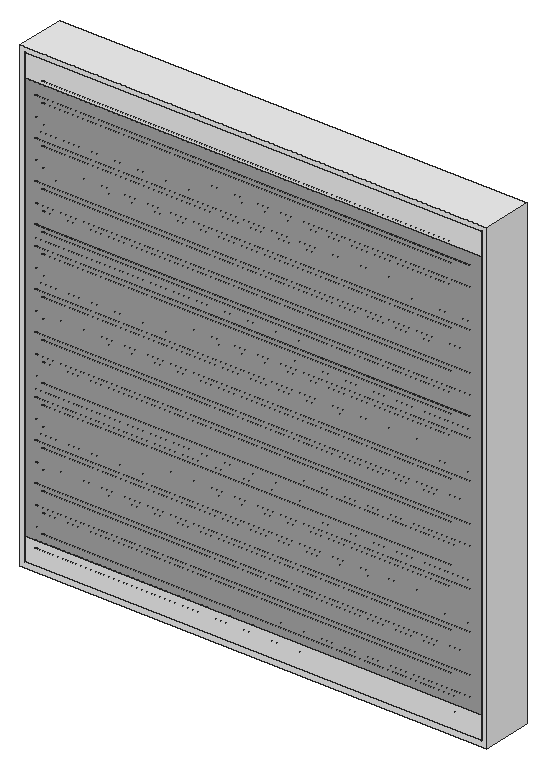
Revit family
Parameters (values of type "Louver_Wind-Drvn-Rn_ECD-545_All-Lite")
  URL = "http://www.alllite-louvers.com"
  Specifications = "http://www.alllite-louvers.com/catalog/AECD-545-csi-specification.doc"
  Spacing = 0.167 ft
  SmartBIM Object Version = 3  # constant formula
  SmartBIM Object Created By = "Reed Construction Data"  # constant formula
  Shim Thickness = 0.042 ft
  Screen Width = Width - (2 * Shim Thickness) - 2 * 0.072917 ft  # 3.770167 ft
  Screen Height = Height - (2 * 0.239583 ft)  # 3.520833 ft
  Screen = Aluminum
  Rough Width = 0.0 ft
  Rough Height = 0.0 ft
  Product URL = "http://www.alllite-louvers.com/catalog.php?model=ECD-545"
  Pressure Loss (in.wg.) = "0.22"
  OmniClass Title = "Exterior Louvers and Grilles"  # constant formula
  OmniClass Code = "23-60 11 17"  # constant formula
  Model Number = "ECD-545"  # constant formula
  Model = ""
  Minimum Size = "4.5\" x 5\""
  Maximum Size - Single Section = "60\" x 120\" or 120\" x 60\""
  Maximum Size - Multiple Section = "Unlimited"
  Manufacturer = "All-Lite"  # constant formula
  Louver = Mill finish, 6063-T5 Extruded Aluminum
  Installation = "http://www.alllite-louvers.com/catalog/Installation.pdf"
  Height = 4.0 ft
  Free Area for 48”x48” Louver = "46.3%"
  Free Area Velocity (fpm) = "1250"
  Free Area (ft²) for 48"x48" Louver = 7.4 ft
  Frame = Mill finish, 6063-T5 Extruded Aluminum
  Default Sill Height = 3.0 ft
  Wall Closure = (empty or 0)
  Width = 4.0 ft
  Cut Sheet = "http://www.alllite-louvers.com/catalog/AECD545.pdf"
  Assembly Code = "B2010300"
  Air Volume Delivered (cfm) = "9,250"
  95 CSI = "10200 "  # constant formula
  04 CSI = "08 91 00"  # constant formula
  # of Louvers = (Height - 0.25 ft) / (Spacing)  # 22
Reference planes (ft)
  plane 1 "Center (Front/Back)": y = 0
  plane 2: z = 0.291667
  plane 3 "Center (Left/Right)": x = 0
  plane 4 "Left": x = -2
  plane 5 "Right": x = 2
  plane 6 "Sill": z = 3.291667
  plane 7 "Top": z = 7.291667
  plane 8: x = -1.958
  plane 9: x = 1.958
  plane 10: z = 7.249667
  plane 11: z = 3.333667
  plane 12: z = 5.291667
  plane 13: z = 3.417
  plane 14: z = 3.458667
  plane 15: z = 7.166333
  plane 16: z = 7.124667
Forms (ft)
  Sweep 1, solid, material "Mill finish, 6063-T5 Extruded Aluminum" <- "Frame"
    path origin (-5, 0.333333, 0) x (-1, 0, 0) y (0, 0, 1)
      loop
        line (-6.958, 7.249667) -> (-3.042, 7.249667)
    profile "Horizontal Mullion : Horizontal Mullion" origin (0, 0.333333, 7.249667) x (0, 0, 1) y (0, 1, 0)
      loop
        line (0, 0) -> (-0.083333, 0) -> (-0.083333, -0.416667) -> (-0.197917, -0.416667) -> (-0.197917, -0.423417) -> (0, -0.423417) -> (0, -0.38175) -> (-0.00675, -0.38175) -> (-0.00675, -0.416667) -> (-0.076583, -0.416667) -> (-0.076583, -0.006628) -> (-0.00675, -0.006628) -> (-0.00675, -0.041545) -> (0, -0.041545) -> (0, 0)
  Sweep 2, solid, material "Mill finish, 6063-T5 Extruded Aluminum" <- "Frame"
    path origin (-5, 0.333333, 0) x (-1, 0, 0) y (0, 0, 1)
      loop
        line (-6.958, 3.333667) -> (-3.042, 3.333667)
    profile "Horizontal Mullion : Horizontal Mullion" origin (0, 0.333333, 3.333667) x (0, 0, 1) y (0, 1, 0)
      loop
        line (0, 0) -> (0, -0.041545) -> (0.00675, -0.041545) -> (0.00675, -0.006628) -> (0.076583, -0.006628) -> (0.076583, -0.416667) -> (0.00675, -0.416667) -> (0.00675, -0.38175) -> (0, -0.38175) -> (0, -0.423417) -> (0.197917, -0.423417) -> (0.197917, -0.416667) -> (0.083333, -0.416667) -> (0.083333, 0) -> (0, 0)
  Sweep 3, solid, material "Mill finish, 6063-T5 Extruded Aluminum" <- "Frame"
    path origin (-5, 0.333333, 0) x (-1, 0, 0) y (0, 0, 1)
      loop
        line (-6.958, 3.417) -> (-6.958, 7.166333)
    profile "Vertical Mullion : Vertical Mullion" origin (1.958, 0.333333, 5.291667) x (1, 0, 0) y (0, 1, 0)
      loop
        line (-0.060752, -0.13838) -> (-0.066666, -0.141633) -> (-0.072917, -0.141633) -> (-0.072917, -0.149068) -> (-0.047462, -0.149068) -> (-0.047462, -0.163238) -> (-0.072917, -0.163238) -> (-0.072917, -0.169988) -> (-0.047462, -0.169988) -> (-0.047462, -0.184154) -> (-0.072917, -0.184154) -> (-0.072917, -0.190904) -> (-0.047462, -0.190904) -> (-0.047462, -0.20507) -> (-0.072917, -0.20507) -> (-0.072917, -0.21182) -> (-0.047462, -0.21182) -> (-0.047462, -0.225983) -> (-0.072917, -0.225983) -> (-0.072917, -0.232733) -> (-0.047462, -0.232733) -> (-0.047462, -0.246896) -> (-0.072917, -0.246896) -> (-0.072917, -0.253646) -> (-0.047462, -0.253646) -> (-0.047462, -0.267809) -> (-0.072917, -0.267809) -> (-0.072917, -0.274559) -> (-0.047462, -0.274559) -> (-0.047462, -0.288724) -> (-0.072917, -0.288724) -> (-0.072917, -0.295474) -> (-0.066666, -0.295474) -> (-0.060752, -0.298727)
        arc (-0.060752, -0.298727) -> (-0.047462, -0.302141) -> (-0.060752, -0.305555) r 0.007083
        line (-0.060752, -0.305555) -> (-0.066666, -0.308808) -> (-0.072917, -0.308808) -> (-0.072917, -0.373107) -> (-0.047462, -0.373107) -> (-0.047462, -0.388594) -> (-0.072917, -0.388594) -> (-0.072917, -0.394432) -> (-0.047462, -0.394432) -> (-0.047462, -0.409918) -> (-0.083333, -0.409918) -> (-0.083333, -0.416667) -> (0, -0.416667) -> (0, -0.389085) -> (-0.00675, -0.389085) -> (-0.00675, -0.409918) -> (-0.040712, -0.409918) -> (-0.040712, -0.366357) -> (-0.066167, -0.366357) -> (-0.066167, -0.315558) -> (-0.040712, -0.315558) -> (-0.040712, -0.121549) -> (-0.066167, -0.121549) -> (-0.066167, -0.070765) -> (-0.040712, -0.070765) -> (-0.040712, -0.049849) -> (0, -0.049849) -> (0, -0.000002) -> (-0.083333, -0.000002) -> (-0.083333, -0.006752) -> (-0.00675, -0.006752) -> (-0.00675, -0.043099) -> (-0.072917, -0.043099) -> (-0.072917, -0.049849) -> (-0.047462, -0.049849) -> (-0.047462, -0.064015) -> (-0.072917, -0.064015) -> (-0.072917, -0.128299) -> (-0.066666, -0.128299) -> (-0.060752, -0.131552)
        arc (-0.060752, -0.131552) -> (-0.047462, -0.134966) -> (-0.060752, -0.13838) r 0.007083
  Sweep 4, solid, material "Mill finish, 6063-T5 Extruded Aluminum" <- "Frame"
    path origin (5, 0.333333, 0) x (1, 0, 0) y (0, 0, -1)
      loop
        line (-6.958, -3.417) -> (-6.958, -7.166333)
    profile "Vertical Mullion : Vertical Mullion" origin (-1.958, 0.333333, 5.291667) x (1, 0, 0) y (0, 1, 0)
      loop
        arc (0.060752, -0.13838) -> (0.047462, -0.134966) -> (0.060752, -0.131552) r 0.007083
        line (0.060752, -0.131552) -> (0.066666, -0.128299) -> (0.072917, -0.128299) -> (0.072917, -0.064015) -> (0.047462, -0.064015) -> (0.047462, -0.049849) -> (0.072917, -0.049849) -> (0.072917, -0.043099) -> (0.00675, -0.043099) -> (0.00675, -0.006752) -> (0.083333, -0.006752) -> (0.083333, -0.000002) -> (0, -0.000002) -> (0, -0.049849) -> (0.040712, -0.049849) -> (0.040712, -0.070765) -> (0.066167, -0.070765) -> (0.066167, -0.121549) -> (0.040712, -0.121549) -> (0.040712, -0.315558) -> (0.066167, -0.315558) -> (0.066167, -0.366357) -> (0.040712, -0.366357) -> (0.040712, -0.409918) -> (0.00675, -0.409918) -> (0.00675, -0.389085) -> (0, -0.389085) -> (0, -0.416667) -> (0.083333, -0.416667) -> (0.083333, -0.409918) -> (0.047462, -0.409918) -> (0.047462, -0.394432) -> (0.072917, -0.394432) -> (0.072917, -0.388594) -> (0.047462, -0.388594) -> (0.047462, -0.373107) -> (0.072917, -0.373107) -> (0.072917, -0.308808) -> (0.066666, -0.308808) -> (0.060752, -0.305555)
        arc (0.060752, -0.305555) -> (0.047462, -0.302141) -> (0.060752, -0.298727) r 0.007083
        line (0.060752, -0.298727) -> (0.066666, -0.295474) -> (0.072917, -0.295474) -> (0.072917, -0.288724) -> (0.047462, -0.288724) -> (0.047462, -0.274559) -> (0.072917, -0.274559) -> (0.072917, -0.267809) -> (0.047462, -0.267809) -> (0.047462, -0.253646) -> (0.072917, -0.253646) -> (0.072917, -0.246896) -> (0.047462, -0.246896) -> (0.047462, -0.232733) -> (0.072917, -0.232733) -> (0.072917, -0.225983) -> (0.047462, -0.225983) -> (0.047462, -0.21182) -> (0.072917, -0.21182) -> (0.072917, -0.20507) -> (0.047462, -0.20507) -> (0.047462, -0.190904) -> (0.072917, -0.190904) -> (0.072917, -0.184154) -> (0.047462, -0.184154) -> (0.047462, -0.169988) -> (0.072917, -0.169988) -> (0.072917, -0.163238) -> (0.047462, -0.163238) -> (0.047462, -0.149068) -> (0.072917, -0.149068) -> (0.072917, -0.141633) -> (0.066666, -0.141633) -> (0.060752, -0.13838)
  Sweep 5, solid, material "Mill finish, 6063-T5 Extruded Aluminum" <- "Frame"
    path origin (-5, 0.333333, 0) x (-1, 0, 0) y (0, 0, 1)
      loop
        line (-3, 7.291667) -> (-7, 7.291667) -> (-7, 3.291667) -> (-3, 3.291667) -> (-3, 7.291667)
    profile origin (-2, 0.333333, 5.291667) x (0, 1, 0) y (-1, 0, 0)
      loop
        line (0, 0) -> (-0.423417, 0) -> (-0.423417, -0.042) -> (0, -0.042) -> (0, 0)
  Extrusion 6, solid, material "Aluminum" <- "Screen"
    sketch origin (-5, 0.333333, 0) x (-1, 0, 0) y (0, 0, 1)
      loop
        line (-3.042, 7.05175) -> (-6.958, 7.05175) -> (-6.958, 3.53125) -> (-3.042, 3.53125) -> (-3.042, 7.05175)
    from -0.423417 to -0.416667
Cuts and joins
  joined: Sweep 2, Sweep 3
Lines and regions (ft)
  Opening 1
    outline origin (-5, -0.333333, 0) x (1, 0, 0) y (0, 0, 1)
      loop
        line (3, 7.291667) -> (3, 3.291667) -> (7, 3.291667) -> (7, 7.291667) -> (3, 7.291667)
  Masking region 1, detail levels coarse+medium
    outline origin (0, 0, 0) x (1, 0, 0) y (0, 1, 0)
      loop
        line (-2, -0.090083) -> (-1.885083, -0.090083) -> (-1.885083, 0.333332) -> (-2, 0.333332) -> (-2, -0.090083)
      loop
        line (1.885083, 0.333333) -> (1.885083, -0.090083) -> (2, -0.090083) -> (2, 0.333333) -> (1.885083, 0.333333)
  Masking region 2, detail levels fine
    outline origin (0, 0, 0) x (1, 0, 0) y (0, 1, 0)
      loop
        line (1.958, 0.333333) -> (1.874667, 0.333333) -> (1.874667, 0.326582) -> (1.95125, 0.326582) -> (1.95125, 0.290234) -> (1.885083, 0.290234) -> (1.885083, 0.283484) -> (1.910538, 0.283484) -> (1.910538, 0.269319) -> (1.885083, 0.269319) -> (1.885083, 0.205034) -> (1.891334, 0.205034) -> (1.897248, 0.201781)
        arc (1.897248, 0.201781) -> (1.910538, 0.198367) -> (1.897248, 0.194953) r 0.007083
        line (1.897248, 0.194953) -> (1.891334, 0.1917) -> (1.885083, 0.1917) -> (1.885083, 0.184266) -> (1.910538, 0.184266) -> (1.910538, 0.170095) -> (1.885083, 0.170095) -> (1.885083, 0.163345) -> (1.910538, 0.163345) -> (1.910538, 0.149179) -> (1.885083, 0.149179) -> (1.885083, 0.142429) -> (1.910538, 0.142429) -> (1.910538, 0.128263) -> (1.885083, 0.128263) -> (1.885083, 0.121513) -> (1.910538, 0.121513) -> (1.910538, 0.10735) -> (1.885083, 0.10735) -> (1.885083, 0.1006) -> (1.910538, 0.1006) -> (1.910538, 0.086437) -> (1.885083, 0.086437) -> (1.885083, 0.079687) -> (1.910538, 0.079687) -> (1.910538, 0.065524) -> (1.885083, 0.065524) -> (1.885083, 0.058774) -> (1.910538, 0.058774) -> (1.910538, 0.04461) -> (1.885083, 0.04461) -> (1.885083, 0.03786) -> (1.891334, 0.03786) -> (1.897248, 0.034606)
        arc (1.897248, 0.034606) -> (1.910538, 0.031192) -> (1.897248, 0.027779) r 0.007083
        line (1.897248, 0.027779) -> (1.891334, 0.024525) -> (1.885083, 0.024525) -> (1.885083, -0.039774) -> (1.910538, -0.039774) -> (1.910538, -0.05526) -> (1.885083, -0.05526) -> (1.885083, -0.061099) -> (1.910538, -0.061099) -> (1.910538, -0.076585) -> (1.874667, -0.076585) -> (1.874667, -0.083333) -> (1.958, -0.083333) -> (1.958, -0.055752) -> (1.95125, -0.055752) -> (1.95125, -0.076585) -> (1.917288, -0.076585) -> (1.917288, -0.033024) -> (1.891833, -0.033024) -> (1.891833, 0.017775) -> (1.917288, 0.017775) -> (1.917288, 0.211784) -> (1.891833, 0.211784) -> (1.891833, 0.262569) -> (1.917288, 0.262569) -> (1.917288, 0.283484) -> (1.958, 0.283484) -> (1.958, 0.333333)
      loop
        line (-1.95125, 0.326582) -> (-1.874667, 0.326582) -> (-1.874667, 0.333332) -> (-1.958, 0.333332) -> (-1.958, 0.283484) -> (-1.917288, 0.283484) -> (-1.917288, 0.262569) -> (-1.891833, 0.262569) -> (-1.891833, 0.211784) -> (-1.917288, 0.211784) -> (-1.917288, 0.017775) -> (-1.891833, 0.017775) -> (-1.891833, -0.033024) -> (-1.917288, -0.033024) -> (-1.917288, -0.076585) -> (-1.95125, -0.076585) -> (-1.95125, -0.055752) -> (-1.958, -0.055752) -> (-1.958, -0.083333) -> (-1.874667, -0.083333) -> (-1.874667, -0.076585) -> (-1.910538, -0.076585) -> (-1.910538, -0.061099) -> (-1.885083, -0.061099) -> (-1.885083, -0.05526) -> (-1.910538, -0.05526) -> (-1.910538, -0.039774) -> (-1.885083, -0.039774) -> (-1.885083, 0.024525) -> (-1.891334, 0.024525) -> (-1.897248, 0.027779)
        arc (-1.897248, 0.027779) -> (-1.910538, 0.031192) -> (-1.897248, 0.034606) r 0.007083
        line (-1.897248, 0.034606) -> (-1.891334, 0.03786) -> (-1.885083, 0.03786) -> (-1.885083, 0.04461) -> (-1.910538, 0.04461) -> (-1.910538, 0.058774) -> (-1.885083, 0.058774) -> (-1.885083, 0.065524) -> (-1.910538, 0.065524) -> (-1.910538, 0.079687) -> (-1.885083, 0.079687) -> (-1.885083, 0.086437) -> (-1.910538, 0.086437) -> (-1.910538, 0.1006) -> (-1.885083, 0.1006) -> (-1.885083, 0.10735) -> (-1.910538, 0.10735) -> (-1.910538, 0.121513) -> (-1.885083, 0.121513) -> (-1.885083, 0.128263) -> (-1.910538, 0.128263) -> (-1.910538, 0.142429) -> (-1.885083, 0.142429) -> (-1.885083, 0.149179) -> (-1.910538, 0.149179) -> (-1.910538, 0.163345) -> (-1.885083, 0.163345) -> (-1.885083, 0.170095) -> (-1.910538, 0.170095) -> (-1.910538, 0.184266) -> (-1.885083, 0.184266) -> (-1.885083, 0.1917) -> (-1.891334, 0.1917) -> (-1.897248, 0.194953)
        arc (-1.897248, 0.194953) -> (-1.910538, 0.198367) -> (-1.897248, 0.201781) r 0.007083
        line (-1.897248, 0.201781) -> (-1.891334, 0.205034) -> (-1.885083, 0.205034) -> (-1.885083, 0.269319) -> (-1.910538, 0.269319) -> (-1.910538, 0.283484) -> (-1.885083, 0.283484) -> (-1.885083, 0.290234) -> (-1.95125, 0.290234) -> (-1.95125, 0.326582)
Text (ft)
  text "EXTERIOR" at (-4.890733, 4.242245, 0), in view "Ref. Level"
  text "INTERIOR" at (-4.890733, -3.147199, 0), in view "Ref. Level"
  text "Exterior" at (0, 3.638026, 10.266337), in view "Left"
  text "Exterior" at (0, 1.524487, 10.420622), in view "Right"
Dimensions and locks (ft)
  equal spacing: plane 4 "Left", plane 3 "Center (Left/Right)", plane 5 "Right"
  "Width": plane 4 "Left" to plane 5 "Right"
  "Height": plane 6 "Sill" to plane 7 "Top"
  "Default Sill Height": plane 2 to plane 6 "Sill"
  "Shim Thickness": plane 4 "Left" to plane 8
  "Shim Thickness": plane 9 to plane 5 "Right"
  "Shim Thickness": plane 10 to plane 7 "Top"
  "Shim Thickness": plane 6 "Sill" to plane 11
  equal spacing: plane 11, plane 12, plane 10
  locked: plane 13 to plane 11 at 0.083333
  locked: plane 14 to plane 13 at 0.041667
  locked: plane 10 to plane 15 at 0.083333
  locked: plane 15 to plane 16 at 0.041667
  Extrusion 6 to plane 6 "Sill" = 0.239583 ft
  equal spacing: group 1, group 3, group 4, group 5, group 6, group 7, group 8, group 9, group 10, group 11, group 12, group 13, group 14, group 15, group 16, group 17, group 18, group 19, group 20, group 21, group 22, group 2  (x3)
  aligned and locked: plane 7 "Top" to Opening 1 sketch curve
  aligned and locked: plane 6 "Sill" to Opening 1 sketch curve  (x2)
  aligned and locked: plane 5 "Right" to Opening 1 sketch curve
  aligned and locked: plane 4 "Left" to Opening 1 sketch curve
  aligned and locked: plane 10 to Sweep 1 sketch curve
  aligned and locked: plane 8 to Sweep 1 sketch curve
  aligned and locked: plane 9 to Sweep 1 sketch curve
  aligned and locked: Sweep 2 sketch curve to plane 11
  aligned and locked: plane 9 to Sweep 2 sketch curve
  aligned and locked: plane 8 to Sweep 2 sketch curve
  aligned and locked: plane 9 to Sweep 3 sketch curve
  aligned and locked: Sweep 4 sketch curve to plane 8
  aligned and locked: cut or joined group of Sweep 2, Sweep 3 to Sweep 3 sketch curve
  aligned and locked: Sweep 4 sketch curve to cut or joined group of Sweep 2, Sweep 3
  aligned and locked: Sweep 1 to Sweep 4 sketch curve
  aligned and locked: Sweep 5 sketch curve to plane 4 "Left"
  aligned and locked: Sweep 5 sketch curve to plane 7 "Top"
  aligned and locked: Sweep 5 sketch curve to plane 6 "Sill"
  aligned and locked: Sweep 5 sketch curve to plane 5 "Right"
  aligned and locked: Sweep 5 sketch curve to host wall  (x2)
  aligned and locked: plane 8 to Sweep 5 sketch curve
  aligned and locked: cut or joined group of Sweep 2, Sweep 3 to Sweep 5 sketch curve
  aligned and locked: plane 15 to Sweep 3 sketch curve
  aligned and locked: Extrusion 6 sketch curve to Sweep 1
  aligned and locked: Sweep 5 to Extrusion 6 sketch curve  (x2)
  aligned: Extrusion 6 to cut or joined group of Sweep 2, Sweep 3
  aligned and locked: Sweep 5 to Extrusion 6
  aligned and locked: plane 3 "Center (Left/Right)" to nested 1
  aligned and locked: plane 14 to nested 1
  aligned and locked: nested 1 to Sweep 4
  aligned and locked: plane 16 to nested 2
  aligned and locked: plane 3 "Center (Left/Right)" to nested 2
  aligned and locked: Sweep 1 to nested 2
  aligned and locked: Masking region 1 sketch curve to plane 4 "Left"
  aligned and locked: Sweep 4 to Masking region 1 sketch curve
  aligned and locked: Masking region 1 sketch curve to Sweep 4
  aligned and locked: Masking region 1 sketch curve to cut or joined group of Sweep 2, Sweep 3
  aligned and locked: Masking region 1 sketch curve to Sweep 5
  aligned and locked: Sweep 5 to Masking region 1 sketch curve
  aligned and locked: Masking region 1 sketch curve to plane 5 "Right"
  aligned and locked: Sweep 5 to Masking region 2 sketch curve
  aligned and locked: Masking region 2 sketch curve to cut or joined group of Sweep 2, Sweep 3  (x70)
  aligned and locked: plane 9 to Masking region 2 sketch curve  (x2)
  aligned and locked: Masking region 2 sketch curve to Sweep 4  (x71)
  aligned and locked: Masking region 2 sketch curve to plane 8  (x2)
  aligned and locked: Extrusion 6 to Masking region 2 sketch curve
  aligned and locked: Masking region 1 to Extrusion 6
Automatic sketch dimensions
  Extrusion 6 sketch curve to plane 6 "Sill" = 0.239583 ft
  host wall to Masking region 1 sketch curve = 0.090083 ft
  Masking region 2 sketch curve to Masking region 2 sketch curve = 0.006748 ft
Nested families (ft)
  nested 1: "Louver" at (0, 0.12541, 3.458667), type "Louver"
    with Louver Length 3.770167 ft
  nested 2: "Louver" at (0, 0.125534, 6.937807), type "Louver"
    with Louver Length 3.770167 ft
  nested 3: "Louver" at (0, 0.125416, 3.62434), type "Louver"
    with Louver Length 3.770167 ft
  nested 4: "Louver" at (0, 0.125422, 3.790013), type "Louver"
    with Louver Length 3.770167 ft
  nested 5: "Louver" at (0, 0.125428, 3.955687), type "Louver"
    with Louver Length 3.770167 ft
  nested 6: "Louver" at (0, 0.125433, 4.12136), type "Louver"
    with Louver Length 3.770167 ft
  nested 7: "Louver" at (0, 0.125439, 4.287033), type "Louver"
    with Louver Length 3.770167 ft
  nested 8: "Louver" at (0, 0.125445, 4.452707), type "Louver"
    with Louver Length 3.770167 ft
  nested 9: "Louver" at (0, 0.125451, 4.61838), type "Louver"
    with Louver Length 3.770167 ft
  nested 10: "Louver" at (0, 0.125457, 4.784053), type "Louver"
    with Louver Length 3.770167 ft
  nested 11: "Louver" at (0, 0.125463, 4.949727), type "Louver"
    with Louver Length 3.770167 ft
  nested 12: "Louver" at (0, 0.125469, 5.1154), type "Louver"
    with Louver Length 3.770167 ft
  nested 13: "Louver" at (0, 0.125475, 5.281073), type "Louver"
    with Louver Length 3.770167 ft
  nested 14: "Louver" at (0, 0.125481, 5.446747), type "Louver"
    with Louver Length 3.770167 ft
  nested 15: "Louver" at (0, 0.125486, 5.61242), type "Louver"
    with Louver Length 3.770167 ft
  nested 16: "Louver" at (0, 0.125492, 5.778093), type "Louver"
    with Louver Length 3.770167 ft
  nested 17: "Louver" at (0, 0.125498, 5.943767), type "Louver"
    with Louver Length 3.770167 ft
  nested 18: "Louver" at (0, 0.125504, 6.10944), type "Louver"
    with Louver Length 3.770167 ft
  nested 19: "Louver" at (0, 0.12551, 6.275113), type "Louver"
    with Louver Length 3.770167 ft
  nested 20: "Louver" at (0, 0.125516, 6.440787), type "Louver"
    with Louver Length 3.770167 ft
  nested 21: "Louver" at (0, 0.125522, 6.60646), type "Louver"
    with Louver Length 3.770167 ft
  nested 22: "Louver" at (0, 0.125528, 6.772134), type "Louver"
    with Louver Length 3.770167 ft
Connectors (ft)
  hvac at (0, -0.090083, 5.2915), driven by "Screen Height", driven by "Screen Width"
    settings: on Extrusion 6, index 1
Definition of nested family "Louver"
  Parameters (values of type "Louver")
    q = 0.402344 ft
    Louver Length = 4.75 ft
    Louver Array = yes
    Louver = none
    Assembly Code = ""
  Reference planes (ft)
    plane 1 "Center (Front/Back)": y = 0
    plane 2: z = 0
    plane 3 "Center (Left/Right)": x = 0
    plane 4: x = -2.375
    plane 5: x = 2.375
    plane 6: y = 0.201172
    plane 7: y = -0.201172
    plane 8: z = 0.18686
  Forms (ft)
    Extrusion 1, solid, material <- "Louver", visible <- "Louver Array"
      sketch origin (0, -0.020833, 0) x (0, 1, 0) y (0, 0, 1)
        loop
          arc (0.13468, 0.080242) -> (0.134685, 0.075797) -> (0.136266, 0.071643) r 0.012329
          arc (0.136266, 0.071643) -> (0.141125, 0.070592) -> (0.141287, 0.075561) r 0.003237
          arc (0.141287, 0.075561) -> (0.148732, 0.08377) -> (0.149727, 0.072732) r 0.006051
          arc (0.149727, 0.072732) -> (0.149789, 0.069321) -> (0.153169, 0.068853) r 0.002625
          arc (0.153169, 0.068853) -> (0.156607, 0.072673) -> (0.15797, 0.077628) r 0.011168
          arc (0.15797, 0.077628) -> (0.159196, 0.077084) -> (0.160408, 0.076509) r 0.052796
          line (0.160408, 0.076509) -> (0.216056, 0.000985)
          arc (0.216056, 0.000985) -> (0.219793, 0) -> (0.222005, 0.003168) r 0.003375
          line (0.222005, 0.003168) -> (0.222005, 0.049944)
          arc (0.222005, 0.049944) -> (0.21938, 0.052569) -> (0.216755, 0.049944) r 0.002625
          line (0.216755, 0.049944) -> (0.216755, 0.00928) -> (0.164491, 0.080212)
          arc (0.164491, 0.080212) -> (0.149223, 0.089905) -> (0.131412, 0.086765) r 0.025
          arc (0.131412, 0.086765) -> (0.094659, 0.102308) -> (0.061638, 0.124714) r 0.203822
          arc (0.061638, 0.124714) -> (0.029623, 0.13426) -> (-0.002026, 0.123565) r 0.05513
          arc (-0.002026, 0.123565) -> (-0.008846, 0.120237) -> (-0.016416, 0.11971) r 0.019853
          arc (-0.016416, 0.11971) -> (-0.021197, 0.119534) -> (-0.025911, 0.118717) r 0.035482
          arc (-0.025911, 0.118717) -> (-0.009614, 0.136198) -> (0.004952, 0.155146) r 0.251868
          arc (0.004952, 0.155146) -> (0.033671, 0.181337) -> (0.068791, 0.164685) r 0.034874
          arc (0.068791, 0.164685) -> (0.07264, 0.163748) -> (0.073034, 0.16769) r 0.002625
          arc (0.073034, 0.16769) -> (0.036201, 0.186819) -> (0.002184, 0.16304) r 0.040059
          arc (0.002184, 0.16304) -> (-0.04072, 0.109973) -> (-0.096576, 0.070769) r 0.245447
          arc (-0.096576, 0.070769) -> (-0.115253, 0.077415) -> (-0.118765, 0.057905) r 0.012998
          arc (-0.118765, 0.057905) -> (-0.134735, 0.047206) -> (-0.153586, 0.043447) r 0.049163
          line (-0.153586, 0.043447) -> (-0.175089, 0.043447) -> (-0.175089, 0.048269)
          arc (-0.175089, 0.048269) -> (-0.17379, 0.053912) -> (-0.170154, 0.058419) r 0.012906
          arc (-0.170154, 0.058419) -> (-0.16974, 0.06212) -> (-0.173443, 0.062511) r 0.002625
          arc (-0.173443, 0.062511) -> (-0.178524, 0.056181) -> (-0.180339, 0.048269) r 0.018155
          line (-0.180339, 0.048269) -> (-0.180339, 0.003249)
          arc (-0.180339, 0.003249) -> (-0.178758, 0.000347) -> (-0.175463, 0.000098) r 0.003456
          line (-0.175463, 0.000098) -> (-0.148923, 0.012057)
          arc (-0.148923, 0.012057) -> (-0.147608, 0.015529) -> (-0.151079, 0.016843) r 0.002625
          line (-0.151079, 0.016843) -> (-0.175089, 0.006025) -> (-0.175089, 0.038239) -> (-0.153586, 0.038239)
          arc (-0.153586, 0.038239) -> (-0.132452, 0.042515) -> (-0.114641, 0.05467) r 0.054371
          arc (-0.114641, 0.05467) -> (-0.1111, 0.053464) -> (-0.107362, 0.053316) r 0.013006
          arc (-0.107362, 0.053316) -> (-0.10495, 0.056406) -> (-0.10833, 0.058391) r 0.002606
          arc (-0.10833, 0.058391) -> (-0.1144, 0.071515) -> (-0.100944, 0.066222) r 0.007789
          arc (-0.100944, 0.066222) -> (-0.096656, 0.062211) -> (-0.09322, 0.066972) r 0.003912
          arc (-0.09322, 0.066972) -> (-0.062075, 0.086066) -> (-0.034049, 0.109499) r 0.249719
          arc (-0.034049, 0.109499) -> (-0.025801, 0.113274) -> (-0.016805, 0.114428) r 0.030191
          arc (-0.016805, 0.114428) -> (-0.007392, 0.115148) -> (0.001092, 0.119289) r 0.025144
          arc (0.001092, 0.119289) -> (0.029464, 0.128963) -> (0.058253, 0.120613) r 0.049838
          arc (0.058253, 0.120613) -> (0.094358, 0.096436) -> (0.13468, 0.080242) r 0.209139
      from -2.375 to 2.375
  Dimensions and locks (ft)
    equal spacing: plane 4, plane 3 "Center (Left/Right)", plane 5
    "Louver Length": plane 4 to plane 5
    "q": plane 7 to plane 6
    equal spacing: plane 7, plane 1 "Center (Front/Back)", plane 6
    aligned and locked: Extrusion 1 to plane 4
    aligned and locked: plane 5 to Extrusion 1
  Automatic sketch dimensions
    Extrusion 1 sketch curve to Extrusion 1 sketch curve = 0.0 ft  (x22)
    Extrusion 1 sketch curve to plane 7 = 0.0 ft
    Extrusion 1 sketch curve to plane 6 = 0.0 ft
    plane 7 to Extrusion 1 sketch curve = 0.021449 ft
    Extrusion 1 sketch curve to Extrusion 1 sketch curve = 0.006028 ft
    Extrusion 1 sketch curve to Extrusion 1 sketch curve = 0.000469 ft
    Extrusion 1 sketch curve to Extrusion 1 sketch curve = 0.003456 ft
    level to Extrusion 1 sketch curve = 0.000098 ft
    Extrusion 1 sketch curve to Extrusion 1 sketch curve = 0.00142 ft
    Extrusion 1 sketch curve to plane 7 = 0.00525 ft
    Extrusion 1 sketch curve to Extrusion 1 sketch curve = 0.001794 ft
    Extrusion 1 sketch curve to plane 7 = 0.006895 ft
    Extrusion 1 sketch curve to Extrusion 1 sketch curve = 0.001658 ft
    Extrusion 1 sketch curve to Extrusion 1 sketch curve = 0.001632 ft
    Extrusion 1 sketch curve to Extrusion 1 sketch curve = 0.012906 ft
    Extrusion 1 sketch curve to plane 7 = 0.026752 ft
    Extrusion 1 sketch curve to Extrusion 1 sketch curve = 0.002507 ft
    Extrusion 1 sketch curve to Extrusion 1 sketch curve = 0.001078 ft  (x2)
    Extrusion 1 sketch curve to Extrusion 1 sketch curve = 0.034822 ft
    Extrusion 1 sketch curve to Extrusion 1 sketch curve = 0.004124 ft
    Extrusion 1 sketch curve to Extrusion 1 sketch curve = 0.005908 ft
    Extrusion 1 sketch curve to Extrusion 1 sketch curve = 0.000012 ft
    Extrusion 1 sketch curve to Extrusion 1 sketch curve = 0.006311 ft
    Extrusion 1 sketch curve to Extrusion 1 sketch curve = 0.00082 ft
    Extrusion 1 sketch curve to Extrusion 1 sketch curve = 0.000148 ft
    Extrusion 1 sketch curve to Extrusion 1 sketch curve = 0.007777 ft
    Extrusion 1 sketch curve to Extrusion 1 sketch curve = 0.00391 ft
    Extrusion 1 sketch curve to Extrusion 1 sketch curve = 0.000458 ft
    Extrusion 1 sketch curve to Extrusion 1 sketch curve = 0.003814 ft
    plane 1 "Center (Front/Back)" to Extrusion 1 sketch curve = 0.054882 ft
    Extrusion 1 sketch curve to Extrusion 1 sketch curve = 0.008138 ft
    Extrusion 1 sketch curve to Extrusion 1 sketch curve = 0.016545 ft
    Extrusion 1 sketch curve to Extrusion 1 sketch curve = 0.009105 ft
    Extrusion 1 sketch curve to Extrusion 1 sketch curve = 0.000389 ft
    Extrusion 1 sketch curve to Extrusion 1 sketch curve = 0.002433 ft
    Extrusion 1 sketch curve to Extrusion 1 sketch curve = 0.01439 ft
    Extrusion 1 sketch curve to Extrusion 1 sketch curve = 0.003118 ft
    plane 1 "Center (Front/Back)" to Extrusion 1 sketch curve = 0.018649 ft
    Extrusion 1 sketch curve to Extrusion 1 sketch curve = 0.002768 ft
    Extrusion 1 sketch curve to plane 1 "Center (Front/Back)" = 0.009784 ft
    Extrusion 1 sketch curve to plane 1 "Center (Front/Back)" = 0.017991 ft
    Extrusion 1 sketch curve to Extrusion 1 sketch curve = 0.019429 ft
    Extrusion 1 sketch curve to Extrusion 1 sketch curve = 0.003385 ft
    Extrusion 1 sketch curve to plane 8 = 0.022175 ft
    Extrusion 1 sketch curve to Extrusion 1 sketch curve = 0.029966 ft
    Extrusion 1 sketch curve to Extrusion 1 sketch curve = 0.002332 ft
    Extrusion 1 sketch curve to Extrusion 1 sketch curve = 0.001911 ft
    Extrusion 1 sketch curve to Extrusion 1 sketch curve = 0.069774 ft
    Extrusion 1 sketch curve to Extrusion 1 sketch curve = 0.003268 ft
    Extrusion 1 sketch curve to Extrusion 1 sketch curve = 0.001586 ft
    Extrusion 1 sketch curve to Extrusion 1 sketch curve = 0.00091 ft
    Extrusion 1 sketch curve to Extrusion 1 sketch curve = 0.002868 ft
    Extrusion 1 sketch curve to Extrusion 1 sketch curve = 0.002153 ft
    Extrusion 1 sketch curve to Extrusion 1 sketch curve = 0.00523 ft
    Extrusion 1 sketch curve to Extrusion 1 sketch curve = 0.005522 ft
    Extrusion 1 sketch curve to Extrusion 1 sketch curve = 0.002917 ft
    Extrusion 1 sketch curve to Extrusion 1 sketch curve = 0.002026 ft
    Extrusion 1 sketch curve to Extrusion 1 sketch curve = 0.001416 ft
    Extrusion 1 sketch curve to Extrusion 1 sketch curve = 0.006218 ft
    Extrusion 1 sketch curve to Extrusion 1 sketch curve = 0.002438 ft
    Extrusion 1 sketch curve to Extrusion 1 sketch curve = 0.004082 ft
    Extrusion 1 sketch curve to plane 6 = 0.029964 ft
    level to Extrusion 1 sketch curve = 0.000985 ft
    Extrusion 1 sketch curve to plane 6 = 0.005949 ft
    Extrusion 1 sketch curve to plane 6 = 0.00525 ft
    level to Extrusion 1 sketch curve = 0.003168 ft
    Extrusion 1 sketch curve to Extrusion 1 sketch curve = 0.002776 ft
    Extrusion 1 sketch curve to Extrusion 1 sketch curve = 0.006111 ft
    level to Extrusion 1 sketch curve = 0.012057 ft
    Extrusion 1 sketch curve to Extrusion 1 sketch curve = 0.002393 ft
    level to Extrusion 1 sketch curve = 0.0291 ft
    Extrusion 1 sketch curve to Extrusion 1 sketch curve = 0.021396 ft
    Extrusion 1 sketch curve to Extrusion 1 sketch curve = 0.005208 ft
    Extrusion 1 sketch curve to Extrusion 1 sketch curve = 0.004822 ft
    Extrusion 1 sketch curve to Extrusion 1 sketch curve = 0.040664 ft
    Extrusion 1 sketch curve to Extrusion 1 sketch curve = 0.009868 ft
    Extrusion 1 sketch curve to Extrusion 1 sketch curve = 0.001354 ft
    Extrusion 1 sketch curve to Extrusion 1 sketch curve = 0.002602 ft
    Extrusion 1 sketch curve to Extrusion 1 sketch curve = 0.036282 ft
    Extrusion 1 sketch curve to Extrusion 1 sketch curve = 0.000146 ft
    Extrusion 1 sketch curve to Extrusion 1 sketch curve = 0.00008 ft
    Extrusion 1 sketch curve to Extrusion 1 sketch curve = 0.003471 ft
    Extrusion 1 sketch curve to Extrusion 1 sketch curve = 0.00221 ft
    Extrusion 1 sketch curve to Extrusion 1 sketch curve = 0.006261 ft
    Extrusion 1 sketch curve to Extrusion 1 sketch curve = 0.001501 ft
    level to Extrusion 1 sketch curve = 0.079138 ft
    Extrusion 1 sketch curve to Extrusion 1 sketch curve = 0.003702 ft
    Extrusion 1 sketch curve to Extrusion 1 sketch curve = 0.005106 ft
    Extrusion 1 sketch curve to Extrusion 1 sketch curve = 0.025254 ft
    Extrusion 1 sketch curve to Extrusion 1 sketch curve = 0.004289 ft
    Extrusion 1 sketch curve to Extrusion 1 sketch curve = 0.022132 ft
    Extrusion 1 sketch curve to Extrusion 1 sketch curve = 0.007894 ft
